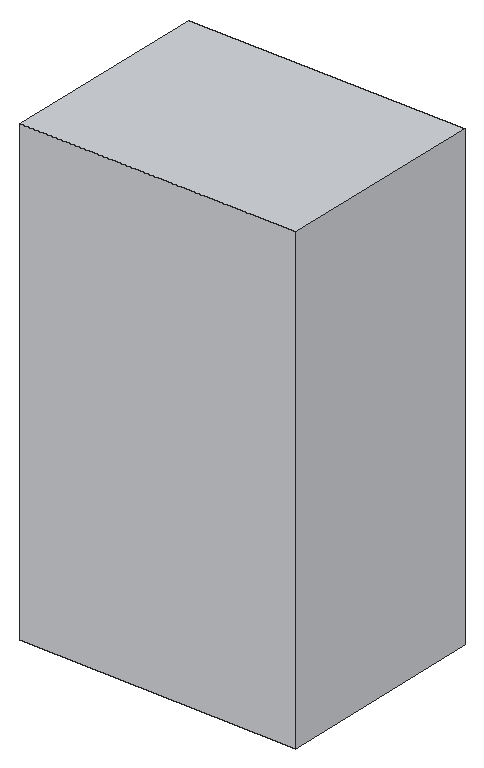
Revit family
Parameters
  Warranty Duration (Years) = 0
  Unit Width [instance] = 1' - 6"
  Unit Height [instance] = 0' - 5 1/2"
  Unit Depth = 0' - 0 1/4"
  URL = "http://www.americanspecialties.com/viewCategories.cfm"
  Trim Material = Metal - Stainless Steel
  Test Data = ""
  Specification = "http://www.arcat.com/sdspecs/htm/10810asi.htm"
  SpecWizard = ""
  Send Message = "http://www.arcat.com/users.pl?action=UserEmail&company=American%20Specialties,%20Inc.&coid=30448&rep=139&fax=914-476-0688&mf="
  Sales Information = "http://www.americanspecialties.com/contact"
  Revision = "R1_10-2010"
  Product Properties = "http://www.americanspecialties.com/datasheets/137.pdf"
  Product Data = "http://www.arcat.com/arcatcos/cos30/arc30448.html"
  Model = "As Specified in 10 28 13"
  Manufacturer Website = "http://www.americanspecialties.com/viewCategories.cfm"
  Manufacturer Phone - Toll Free = ""
  Manufacturer Phone = "914-476-9000 "
  Manufacturer Fax = "914-476-0688"
  Manufacturer Address = "441 Saw Mill River Rd., Yonkers, NY 10701"
  Manufacturer = "American Specialties, Inc."
  Maintenance Schedule (Months) = 0
  Keynote = "10 28 13"
  Installation-Fabrication = "http://www.americanspecialties.com/products.cfm"
  Green Building-LEED = ""
  Expected Lifespan (Years) = 0
  Drawn By = "Robert S. Weygant. CSI, CDT, SCIP"  # constant formula
  Description = "Toilet Accessory as Specified in 10 28 13"
  Default Elevation = 4' - 0"
  Copyright = "©Arcat Inc."
  Construction Details = "http://www.arcat.com/green/clients/leed_data_30448.html"
  Building Codes = "http://www.americanspecialties.com/products.cfm"
  Body Material = Metal - Stainless Steel
  Assembly Code = "C1030210"
Reference planes (in)
  plane 1 "Center (Front/Back)": y = -0.29112
  plane 2 "Floor Line": z = 0
  plane 3 "Center (Left/Right)": x = -0.65843
Forms (in)
  Extrusion 1, solid
    sketch origin (-3, -9, -6) x (0, 0, -1) y (1, 0, 0)
      loop
        line (-82, 26) -> (-82, -19.34712) -> (-6, -19.34712) -> (-6, 26) -> (-82, 26)
    from 9 to -25.60721
  Extrusion 2, solid, material "Metal - Stainless Steel" <- "Body Material"
    sketch origin (-6.875, 0.625, 0) x (1, 0, 0) y (0, 1, 0)
      loop
        line (-2.78343, 1.83388) -> (-2.78343, -3.16612)
        arc (-2.78343, -3.16612) -> (-2.63699, -3.51967) -> (-2.28343, -3.66612) r 0.5
        line (-2.28343, -3.66612) -> (14.71657, -3.66612)
        arc (14.71657, -3.66612) -> (15.07012, -3.51967) -> (15.21657, -3.16612) r 0.5
        line (15.21657, -3.16612) -> (15.21657, 1.83388) -> (-2.78343, 1.83388)
      loop
        circle (-1.28343, -2.16612) r 0.18394
      loop
        circle (6.21657, -2.16612) r 0.18394
      loop
        circle (13.71657, -2.16612) r 0.18394
    from 0 to 0.25
  Extrusion 3, solid, material "Metal - Stainless Steel" <- "Body Material"
    sketch origin (-0.65843, 0, 0) x (0, 1, 0) y (0, 0, 1)
      loop
        line (7.95888, 0) -> (7.95888, 0.25) -> (2.70888, 0.25) -> (2.70888, 8) -> (2.45888, 8) -> (2.45888, 0) -> (7.95888, 0)
    from -9 to 9
  Extrusion 4, solid, material "Metal - Stainless Steel" <- "Body Material"
    sketch origin (-0.65843, 0, 0) x (0, 1, 0) y (0, 0, 1)
      loop
        line (7.95888, 0.25) -> (2.70888, 8) -> (2.70888, 0.25) -> (7.95888, 0.25)
    from 8.75 to 9
  Extrusion 5, solid, material "Metal - Stainless Steel" <- "Body Material"
    sketch origin (-0.65843, 0, 0) x (0, 1, 0) y (0, 0, -1)
      loop
        line (7.95888, -0.25) -> (2.70888, -0.25) -> (2.70888, -8) -> (7.95888, -0.25)
    from 8.75 to 9
  Extrusion 6, solid, not visible
    sketch origin (-6.19366, 0.01684, 0) x (1, 0, 0) y (0, 1, 0)
      loop
        circle (-2.03343, -0.29112) r 0.12196
    from 0.72731 to 0.875
  Revolve 7, solid, not visible
    sketch origin (-7.3217, 0.01684, 0) x (0, 1, 0) y (0, 0, 1)
      loop
        line (-0.29112, 1.27196) -> (-0.29112, 0.875) -> (0.18146, 0.875)
        spline (0.18146, 0.875) -> (0.17742, 0.92681) -> (0.16536, 0.97774) -> (0.14549, 1.02691) -> (0.11815, 1.07348) -> (0.0838, 1.11665) -> (0.04305, 1.15569) -> (-0.00343, 1.18993) -> (-0.05483, 1.21878) -> (-0.11027, 1.24174) -> (-0.16881, 1.25843) -> (-0.22943, 1.26856) -> (-0.29112, 1.27196)
      axis (-0.29112, 0.875) -> (-0.29112, 1.27196)
    angle from 0 to 360
  Extrusion 8, solid, not visible
    sketch origin (-7.3217, 0.01684, 0) x (0, 1, 0) y (0, 0, 1)
      loop
        arc (-0.17449, 0.98159) -> (-0.1544, 0.86766) -> (-0.04047, 0.88775) r 0.0818
        line (-0.04047, 0.88775) -> (0.65841, 1.88586)
        arc (0.65841, 1.88586) -> (0.63832, 1.99979) -> (0.52439, 1.9797) r 0.0818
        line (0.52439, 1.9797) -> (-0.17449, 0.98159)
    from -0.04453 to 0.03585
  Extrusion 9, solid, not visible
    sketch origin (-8.44974, 0.01684, 0) x (-1, 0, 0) y (0, -1, 0)
      loop
        circle (-2.03343, 0.29112) r 0.12196
    from 0.72731 to 0.875
  Extrusion 10, void
    sketch origin (0, 0, 0) x (1, 0, 0) y (0, 1, 0)
      loop
        circle (-0.65843, 6.45888) r 0.18394
      loop
        circle (-8.15843, 6.45888) r 0.18394
      loop
        circle (6.84157, 6.45888) r 0.18394
    from 0 to 12
  Extrusion 11, solid, material "Metal - Stainless Steel" <- "Body Material"
    sketch origin (-6.1875, 0, 0.25) x (1, 0, 0) y (0, 1, 0)
      loop
        line (-1.27912, 2.20888) -> (-1.27912, 1.40431) -> (-0.80882, 1.29574) -> (-0.80882, -1.87797) -> (-1.27912, -1.98655) -> (-1.27912, -2.79112) -> (-0.03775, -2.79112) -> (-0.03775, -1.98655) -> (-0.50804, -1.87797) -> (-0.50804, 1.29574) -> (-0.03775, 1.40431) -> (-0.03775, 2.20888) -> (-1.27912, 2.20888)
    from 0 to 0.09375
  Extrusion 12, solid, material "Metal - Stainless Steel" <- "Body Material"
    sketch origin (-6.84593, 0, 0.25) x (0, 1, 0) y (0, 0, 1)
      loop
        arc (1.11229, 0.09375) -> (-0.26271, 1.18392) -> (-1.63771, 0.09375) r 1.41221
        line (-1.63771, 0.09375) -> (-1.87797, 0.09375) -> (-1.87797, 0) -> (1.29574, 0) -> (1.29574, 0.09375) -> (1.11229, 0.09375)
    from 0.15039 to 0.27238
  Extrusion 13, solid, material "Metal - Stainless Steel" <- "Body Material"
    sketch origin (-6.84593, 0, 0.25) x (0, 1, 0) y (0, 0, -1)
      loop
        line (1.11229, -0.09375) -> (1.29574, -0.09375) -> (1.29574, 0) -> (-1.87797, 0) -> (-1.87797, -0.09375) -> (-1.63771, -0.09375)
        arc (-1.63771, -0.09375) -> (-0.26271, -1.18392) -> (1.11229, -0.09375) r 1.41221
    from 0.15039 to 0.27238
  Extrusion 14, solid, material "Metal - Stainless Steel" <- "Trim Material"
    sketch origin (-6.84593, -0.51283, 0.25) x (0, -1, 0) y (0, 0, 1)
      loop
        arc (-0.03238, 1.16501) -> (0.22178, 1.91501) -> (-0.03238, 2.66501) r 1.23367
        arc (-0.03238, 2.66501) -> (-0.28554, 2.81177) -> (-0.43181, 2.55832) r 0.20671
        arc (-0.43181, 2.55832) -> (-0.29358, 1.77513) -> (-0.72408, 1.10643) r 1.09025
        arc (-0.72408, 1.10643) -> (-0.32161, 0.46715) -> (-0.03238, 1.16501) r 0.42526
    from -0.15039 to 0.15039
  Extrusion 15, solid, material "Metal - Stainless Steel" <- "Trim Material"
    sketch origin (-6.84593, 0, 0.25) x (0, 1, 0) y (0, 0, 1)
      loop
        circle (-0.29112, 0.83198) r 0.09949
    from -0.30423 to -0.27238
  Extrusion 16, solid, material "Metal - Stainless Steel" <- "Trim Material"
    sketch origin (-6.84593, 0, 0.25) x (0, 1, 0) y (0, 0, -1)
      loop
        circle (-0.29112, -0.83198) r 0.09949
    from -0.30423 to -0.27238
  Extrusion 17, solid, material "Metal - Stainless Steel" <- "Body Material"
    sketch origin (-2.0625, 0, 0.25) x (1, 0, 0) y (0, 1, 0)
      loop
        line (-1.27912, 2.20888) -> (-1.27912, 1.40431) -> (-0.80882, 1.29574) -> (-0.80882, -1.87797) -> (-1.27912, -1.98655) -> (-1.27912, -2.79112) -> (-0.03775, -2.79112) -> (-0.03775, -1.98655) -> (-0.50804, -1.87797) -> (-0.50804, 1.29574) -> (-0.03775, 1.40431) -> (-0.03775, 2.20888) -> (-1.27912, 2.20888)
    from 0 to 0.09375
  Extrusion 18, solid, material "Metal - Stainless Steel" <- "Body Material"
    sketch origin (-2.72093, 0, 0.25) x (0, 1, 0) y (0, 0, 1)
      loop
        arc (1.11229, 0.09375) -> (-0.26271, 1.18392) -> (-1.63771, 0.09375) r 1.41221
        line (-1.63771, 0.09375) -> (-1.87797, 0.09375) -> (-1.87797, 0) -> (1.29574, 0) -> (1.29574, 0.09375) -> (1.11229, 0.09375)
    from 0.15039 to 0.27238
  Extrusion 19, solid, material "Metal - Stainless Steel" <- "Body Material"
    sketch origin (-2.72093, 0, 0.25) x (0, 1, 0) y (0, 0, -1)
      loop
        line (1.11229, -0.09375) -> (1.29574, -0.09375) -> (1.29574, 0) -> (-1.87797, 0) -> (-1.87797, -0.09375) -> (-1.63771, -0.09375)
        arc (-1.63771, -0.09375) -> (-0.26271, -1.18392) -> (1.11229, -0.09375) r 1.41221
    from 0.15039 to 0.27238
  Extrusion 20, solid, material "Metal - Stainless Steel" <- "Trim Material"
    sketch origin (-2.72093, -0.51283, 0.25) x (0, -1, 0) y (0, 0, 1)
      loop
        arc (-0.03238, 1.16501) -> (0.22178, 1.91501) -> (-0.03238, 2.66501) r 1.23367
        arc (-0.03238, 2.66501) -> (-0.28554, 2.81177) -> (-0.43181, 2.55832) r 0.20671
        arc (-0.43181, 2.55832) -> (-0.29358, 1.77513) -> (-0.72408, 1.10643) r 1.09025
        arc (-0.72408, 1.10643) -> (-0.32161, 0.46715) -> (-0.03238, 1.16501) r 0.42526
    from -0.15039 to 0.15039
  Extrusion 21, solid, material "Metal - Stainless Steel" <- "Trim Material"
    sketch origin (-2.72093, 0, 0.25) x (0, 1, 0) y (0, 0, 1)
      loop
        circle (-0.29112, 0.83198) r 0.09949
    from -0.30423 to -0.27238
  Extrusion 22, solid, material "Metal - Stainless Steel" <- "Trim Material"
    sketch origin (-2.72093, 0, 0.25) x (0, 1, 0) y (0, 0, -1)
      loop
        circle (-0.29112, -0.83198) r 0.09949
    from -0.30423 to -0.27238
  Extrusion 23, solid, material "Metal - Stainless Steel" <- "Body Material"
    sketch origin (2.0625, 0, 0.25) x (1, 0, 0) y (0, 1, 0)
      loop
        line (-1.27912, 2.20888) -> (-1.27912, 1.40431) -> (-0.80882, 1.29574) -> (-0.80882, -1.87797) -> (-1.27912, -1.98655) -> (-1.27912, -2.79112) -> (-0.03775, -2.79112) -> (-0.03775, -1.98655) -> (-0.50804, -1.87797) -> (-0.50804, 1.29574) -> (-0.03775, 1.40431) -> (-0.03775, 2.20888) -> (-1.27912, 2.20888)
    from 0 to 0.09375
  Extrusion 24, solid, material "Metal - Stainless Steel" <- "Body Material"
    sketch origin (1.40407, 0, 0.25) x (0, 1, 0) y (0, 0, 1)
      loop
        arc (1.11229, 0.09375) -> (-0.26271, 1.18392) -> (-1.63771, 0.09375) r 1.41221
        line (-1.63771, 0.09375) -> (-1.87797, 0.09375) -> (-1.87797, 0) -> (1.29574, 0) -> (1.29574, 0.09375) -> (1.11229, 0.09375)
    from 0.15039 to 0.27238
  Extrusion 25, solid, material "Metal - Stainless Steel" <- "Body Material"
    sketch origin (1.40407, 0, 0.25) x (0, 1, 0) y (0, 0, -1)
      loop
        line (1.11229, -0.09375) -> (1.29574, -0.09375) -> (1.29574, 0) -> (-1.87797, 0) -> (-1.87797, -0.09375) -> (-1.63771, -0.09375)
        arc (-1.63771, -0.09375) -> (-0.26271, -1.18392) -> (1.11229, -0.09375) r 1.41221
    from 0.15039 to 0.27238
  Extrusion 26, solid, material "Metal - Stainless Steel" <- "Trim Material"
    sketch origin (1.40407, -0.51283, 0.25) x (0, -1, 0) y (0, 0, 1)
      loop
        arc (-0.03238, 1.16501) -> (0.22178, 1.91501) -> (-0.03238, 2.66501) r 1.23367
        arc (-0.03238, 2.66501) -> (-0.28554, 2.81177) -> (-0.43181, 2.55832) r 0.20671
        arc (-0.43181, 2.55832) -> (-0.29358, 1.77513) -> (-0.72408, 1.10643) r 1.09025
        arc (-0.72408, 1.10643) -> (-0.32161, 0.46715) -> (-0.03238, 1.16501) r 0.42526
    from -0.15039 to 0.15039
  Extrusion 27, solid, material "Metal - Stainless Steel" <- "Trim Material"
    sketch origin (1.40407, 0, 0.25) x (0, 1, 0) y (0, 0, 1)
      loop
        circle (-0.29112, 0.83198) r 0.09949
    from -0.30423 to -0.27238
  Extrusion 28, solid, material "Metal - Stainless Steel" <- "Trim Material"
    sketch origin (1.40407, 0, 0.25) x (0, 1, 0) y (0, 0, -1)
      loop
        circle (-0.29112, -0.83198) r 0.09949
    from -0.30423 to -0.27238
  Extrusion 29, solid, material "Metal - Stainless Steel" <- "Body Material"
    sketch origin (6.1875, 0, 0.25) x (1, 0, 0) y (0, 1, 0)
      loop
        line (-1.27912, 2.20888) -> (-1.27912, 1.40431) -> (-0.80882, 1.29574) -> (-0.80882, -1.87797) -> (-1.27912, -1.98655) -> (-1.27912, -2.79112) -> (-0.03775, -2.79112) -> (-0.03775, -1.98655) -> (-0.50804, -1.87797) -> (-0.50804, 1.29574) -> (-0.03775, 1.40431) -> (-0.03775, 2.20888) -> (-1.27912, 2.20888)
    from 0 to 0.09375
  Extrusion 30, solid, material "Metal - Stainless Steel" <- "Body Material"
    sketch origin (5.52907, 0, 0.25) x (0, 1, 0) y (0, 0, 1)
      loop
        arc (1.11229, 0.09375) -> (-0.26271, 1.18392) -> (-1.63771, 0.09375) r 1.41221
        line (-1.63771, 0.09375) -> (-1.87797, 0.09375) -> (-1.87797, 0) -> (1.29574, 0) -> (1.29574, 0.09375) -> (1.11229, 0.09375)
    from 0.15039 to 0.27238
  Extrusion 31, solid, material "Metal - Stainless Steel" <- "Body Material"
    sketch origin (5.52907, 0, 0.25) x (0, 1, 0) y (0, 0, -1)
      loop
        line (1.11229, -0.09375) -> (1.29574, -0.09375) -> (1.29574, 0) -> (-1.87797, 0) -> (-1.87797, -0.09375) -> (-1.63771, -0.09375)
        arc (-1.63771, -0.09375) -> (-0.26271, -1.18392) -> (1.11229, -0.09375) r 1.41221
    from 0.15039 to 0.27238
  Extrusion 32, solid, material "Metal - Stainless Steel" <- "Trim Material"
    sketch origin (5.52907, -0.51283, 0.25) x (0, -1, 0) y (0, 0, 1)
      loop
        arc (-0.03238, 1.16501) -> (0.22178, 1.91501) -> (-0.03238, 2.66501) r 1.23367
        arc (-0.03238, 2.66501) -> (-0.28554, 2.81177) -> (-0.43181, 2.55832) r 0.20671
        arc (-0.43181, 2.55832) -> (-0.29358, 1.77513) -> (-0.72408, 1.10643) r 1.09025
        arc (-0.72408, 1.10643) -> (-0.32161, 0.46715) -> (-0.03238, 1.16501) r 0.42526
    from -0.15039 to 0.15039
  Extrusion 33, solid, material "Metal - Stainless Steel" <- "Trim Material"
    sketch origin (5.52907, 0, 0.25) x (0, 1, 0) y (0, 0, 1)
      loop
        circle (-0.29112, 0.83198) r 0.09949
    from -0.30423 to -0.27238
  Extrusion 34, solid, material "Metal - Stainless Steel" <- "Trim Material"
    sketch origin (5.52907, 0, 0.25) x (0, 1, 0) y (0, 0, -1)
      loop
        circle (-0.29112, -0.83198) r 0.09949
    from -0.30423 to -0.27238
  Extrusion 35, solid, material "Metal - Stainless Steel" <- "Body Material", not visible
    sketch origin (-6.1875, 0, 0.09375) x (1, 0, 0) y (0, 1, 0)
      loop
        line (-1.27912, 2.20888) -> (-1.27912, 1.40431) -> (-0.80882, 1.29574) -> (-0.80882, -1.87797) -> (-1.27912, -1.98655) -> (-1.27912, -2.79112) -> (-0.03775, -2.79112) -> (-0.03775, -1.98655) -> (-0.50804, -1.87797) -> (-0.50804, 1.29574) -> (-0.03775, 1.40431) -> (-0.03775, 2.20888) -> (-1.27912, 2.20888)
    from 0 to 0.09375
  Extrusion 36, solid, material "Metal - Stainless Steel" <- "Body Material", not visible
    sketch origin (-6.84593, 0, 0.09375) x (0, 1, 0) y (0, 0, 1)
      loop
        arc (1.11229, 0.09375) -> (-0.26271, 1.18392) -> (-1.63771, 0.09375) r 1.41221
        line (-1.63771, 0.09375) -> (-1.87797, 0.09375) -> (-1.87797, 0) -> (1.29574, 0) -> (1.29574, 0.09375) -> (1.11229, 0.09375)
    from 0.15039 to 0.27238
  Extrusion 37, solid, material "Metal - Stainless Steel" <- "Body Material", not visible
    sketch origin (-6.84593, 0, 0.09375) x (0, 1, 0) y (0, 0, -1)
      loop
        line (1.11229, -0.09375) -> (1.29574, -0.09375) -> (1.29574, 0) -> (-1.87797, 0) -> (-1.87797, -0.09375) -> (-1.63771, -0.09375)
        arc (-1.63771, -0.09375) -> (-0.26271, -1.18392) -> (1.11229, -0.09375) r 1.41221
    from 0.15039 to 0.27238
  Extrusion 38, solid, material "Metal - Stainless Steel" <- "Trim Material", not visible
    sketch origin (-6.84593, -0.51283, 0.09375) x (0, -1, 0) y (0, 0, 1)
      loop
        arc (-0.03238, 1.16501) -> (0.22178, 1.91501) -> (-0.03238, 2.66501) r 1.23367
        arc (-0.03238, 2.66501) -> (-0.28554, 2.81177) -> (-0.43181, 2.55832) r 0.20671
        arc (-0.43181, 2.55832) -> (-0.29358, 1.77513) -> (-0.72408, 1.10643) r 1.09025
        arc (-0.72408, 1.10643) -> (-0.32161, 0.46715) -> (-0.03238, 1.16501) r 0.42526
    from -0.15039 to 0.15039
  Extrusion 39, solid, material "Metal - Stainless Steel" <- "Trim Material", not visible
    sketch origin (-6.84593, 0, 0.09375) x (0, 1, 0) y (0, 0, 1)
      loop
        circle (-0.29112, 0.83198) r 0.09949
    from -0.30423 to -0.27238
  Extrusion 40, solid, material "Metal - Stainless Steel" <- "Trim Material", not visible
    sketch origin (-6.84593, 0, 0.09375) x (0, 1, 0) y (0, 0, -1)
      loop
        circle (-0.29112, -0.83198) r 0.09949
    from -0.30423 to -0.27238
Cuts and joins
  Extrusion 10 cuts Extrusion 3
Dimensions and locks (in)
  "Unit Depth": Extrusion 2 to Extrusion 2
  equal spacing: Extrusion 2 sketch curve, plane 1 "Center (Front/Back)", Extrusion 2 sketch curve, locked at 2.75 each
  Extrusion 2 sketch curve to Extrusion 2 sketch curve = 0' - 5 1/2"
  aligned and locked: Extrusion 1 to level
  aligned and locked: Extrusion 2 to Extrusion 3
  aligned and locked: Extrusion 3 to Extrusion 4  (x3)
  aligned and locked: Extrusion 3 to Extrusion 5  (x2)
  aligned and locked: Extrusion 11 to Extrusion 14  (x2)
  aligned and locked: Extrusion 15 to Extrusion 13
  aligned and locked: Extrusion 16 to Extrusion 12
  aligned and locked: Extrusion 12 to Extrusion 16
  aligned and locked: Extrusion 17 to Extrusion 20  (x2)
  aligned and locked: Extrusion 21 to Extrusion 19
  aligned and locked: Extrusion 22 to Extrusion 18
  aligned and locked: Extrusion 18 to Extrusion 22
  aligned and locked: Extrusion 23 to Extrusion 26  (x2)
  aligned and locked: Extrusion 27 to Extrusion 25
  aligned and locked: Extrusion 28 to Extrusion 24
  aligned and locked: Extrusion 24 to Extrusion 28
  aligned and locked: Extrusion 29 to Extrusion 32  (x2)
  aligned and locked: Extrusion 33 to Extrusion 31
  aligned and locked: Extrusion 34 to Extrusion 30
  aligned and locked: Extrusion 30 to Extrusion 34
  aligned and locked: Extrusion 17 to Extrusion 2
  aligned and locked: Extrusion 23 to Extrusion 2
  aligned and locked: Extrusion 29 to Extrusion 2
  aligned and locked: Extrusion 11 to Extrusion 2
Automatic sketch dimensions
  Extrusion 1 sketch curve to Extrusion 1 sketch curve = 6' - 4"
  Extrusion 1 sketch curve to Extrusion 1 sketch curve = 3' - 9.34712"
  Extrusion 3 sketch curve to level = 0' - 0"
  Extrusion 3 sketch curve to plane 1 "Center (Front/Back)" = 0' - 2 3/4"
  Extrusion 3 sketch curve to Extrusion 3 sketch curve = 0' - 0 1/4"  (x2)
  Extrusion 3 sketch curve to Extrusion 3 sketch curve = 0' - 5 1/4"
  Extrusion 3 sketch curve to Extrusion 3 sketch curve = 0' - 7 3/4"
  level to Extrusion 4 sketch curve = 0' - 0 1/4"
  Extrusion 4 sketch curve to plane 1 "Center (Front/Back)" = 0' - 3"
  Extrusion 4 sketch curve to Extrusion 4 sketch curve = 0' - 5 1/4"
  Extrusion 4 sketch curve to Extrusion 4 sketch curve = 0' - 7 3/4"
  level to Extrusion 5 sketch curve = 0' - 0 1/4"
  Extrusion 5 sketch curve to plane 1 "Center (Front/Back)" = 0' - 3"
  Extrusion 5 sketch curve to Extrusion 5 sketch curve = 0' - 5 1/4"
  Extrusion 5 sketch curve to Extrusion 5 sketch curve = 0' - 7 3/4"
  Extrusion 10 sketch curve to plane 3 "Center (Left/Right)" = 0' - 0"
  Extrusion 10 sketch curve to plane 1 "Center (Front/Back)" = 0' - 6 3/4"  (x3)
  Extrusion 10 sketch curve to plane 3 "Center (Left/Right)" = 0' - 7 1/2"
  Extrusion 10 sketch curve to Extrusion 10 sketch curve = 0' - 7 1/2"
  Extrusion 2 sketch curve to plane 3 "Center (Left/Right)" = 0' - 0"
  plane 1 "Center (Front/Back)" to Extrusion 2 sketch curve = 0' - 1 1/4"  (x3)
  Extrusion 2 sketch curve to plane 3 "Center (Left/Right)" = 0' - 7 1/2"
  Extrusion 2 sketch curve to Extrusion 2 sketch curve = 0' - 1"  (x2)
  Extrusion 2 sketch curve to Extrusion 2 sketch curve = 0' - 1 1/2"
  Extrusion 2 sketch curve to Extrusion 2 sketch curve = 0' - 0 1/2"
  Extrusion 2 sketch curve to Extrusion 2 sketch curve = 0' - 7 1/2"
  radius of Extrusion 10 sketch curve = 0' - 0.18394"  (x3)
  radius of Extrusion 2 sketch curve = 0' - 0.18394"  (x3)
